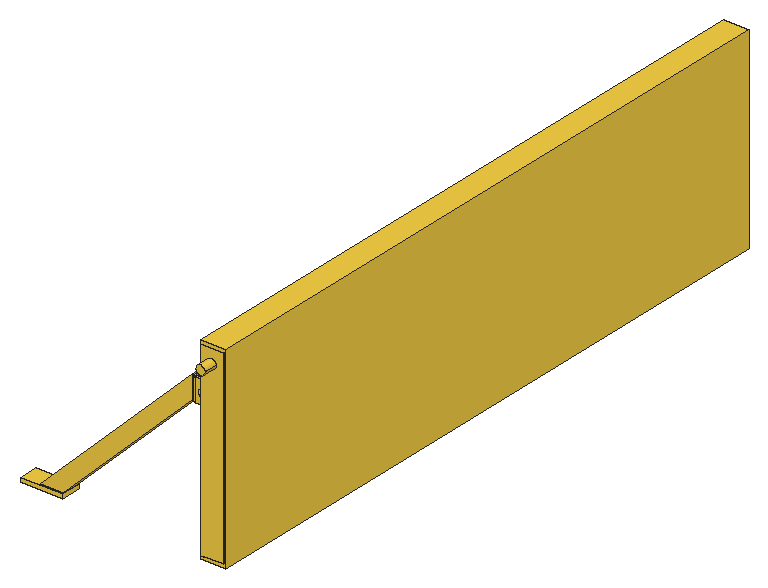
Revit family "EHL_STOPEND B 1x0,3_1860676", category Generic Models, Revit 2018
Family settings
  Can host rebar = No
  Round Connector Dimension = Use Diameter
  Part Type = Normal
  OmniClass Number = 35.51.14.00
  OmniClass Title = FORMWORK
  Work Plane-Based = Yes
  Always vertical = No
  Cut with Voids When Loaded = No
  Shared = Yes
  Room Calculation Point = No
Parameters
  VERSION = "20190101"  # constant formula
  URL = "www.ulmaconstruction.com/en"
  UNICLASS = ""
  Manufacturer = "ULMA CONSTRUCTION"  # constant formula
  ITEM_CODE = "1860676"
  FILTER [instance] = ""
  Default Elevation = 0.000 mm
  CLASSIFICATION_TITLE = ""
  CLASSIFICATION_NUMBER = ""
Reference planes
  plane 1 "Centro (Frontal/Posterior)": y = 0
  plane 2: z = 0
  plane 3 "Centro (Izquierda/Derecha)": x = 0
  plane 4 "STOPEND LENGTH": y = -1000
  plane 5 "STOPEND HEIGHT": z = 300
  plane 6 "01": x = -22
Forms (mm)
  Extrusion 1, solid, material "ULMA YELLOW", detail levels fine
    sketch origin (0, 0, 0) x (1, 0, 0) y (0, 0, 1)
      loop
        line (0, 300) -> (-37.502, 300) -> (-37.502, 294.996) -> (-2.5, 294.996) -> (-2.5, 5.004) -> (-37.502, 5.004) -> (-37.502, 0) -> (0, 0) -> (0, 300)
    from 0 to 1000
  Extrusion 2, solid, material "ULMA YELLOW", detail levels fine
    sketch origin (0, 0, 0) x (1, 0, 0) y (0, 1, 0)
      loop
        line (-6.5, -965) -> (-6.5, -996) -> (-37.502, -996) -> (-37.502, -1000) -> (-2.5, -1000) -> (-2.5, -965) -> (-6.5, -965)
    from 5.004 to 294.996
  Extrusion 3, solid, material "ULMA YELLOW", detail levels fine
    sketch origin (0, 0, 0) x (1, 0, 0) y (0, 1, 0)
      loop
        line (-6.5, -4) -> (-6.5, -35) -> (-2.5, -35) -> (-2.5, 0) -> (-37.502, 0) -> (-37.502, -4) -> (-6.5, -4)
    from 5.004 to 294.996
  Extrusion 4, solid, material "ULMA YELLOW", detail levels fine
    sketch origin (0, 1000, 0) x (0, 1, 0) y (0, 0, 1)
      loop
        line (-1996, 245.004) -> (-1996, 196.004) -> (-1961, 196.004) -> (-1961, 200.004) -> (-1992, 200.004) -> (-1992, 241.004) -> (-1961, 241.004) -> (-1961, 245.004) -> (-1996, 245.004)
    from -34.5 to -9.5
  Extrusion 5, solid, material "ULMA YELLOW", detail levels fine
    sketch origin (0, 0, 0) x (1, 0, 0) y (0, 1, 0)
      loop
        line (-4, -482.5) -> (-4, -492.5) -> (-37.502, -492.5) -> (-37.502, -507.5) -> (-4, -507.5) -> (-4, -517.5) -> (-2.5, -517.5) -> (-2.5, -482.5) -> (-4, -482.5)
    from 5.004 to 294.996
  Extrusion 6, solid, material "ULMA ZINC", detail levels fine
    sketch origin (0, 1000, 0) x (1, 0, 0) y (0, 1, 0)
      loop
        line (-13.5, -1968.457) -> (-22, -1963.55) -> (-30.5, -1968.457) -> (-30.5, -1977.543) -> (-22, -1982.45) -> (-13.5, -1977.543) -> (-13.5, -1968.457)
    from 189.004 to 196.004
  Extrusion 7, solid, material "ULMA ZINC", detail levels fine
    sketch origin (0, 1000, 56) x (1, 0, 0) y (0, 1, 0)
      loop
        line (-13.5, -1968.457) -> (-22, -1963.55) -> (-30.5, -1968.457) -> (-30.5, -1977.543) -> (-22, -1982.45) -> (-13.5, -1977.543) -> (-13.5, -1968.457)
    from 189.004 to 196.004
  Extrusion 8, solid, material "ULMA YELLOW", detail levels fine
    sketch origin (0, 0, 0) x (1, 0, 0) y (0, 0, 1)
      loop
        circle (-22, 273) r 7
    from 1000 to 1020
  Extrusion 9, solid, material "ULMA YELLOW", detail levels fine
    sketch origin (0, 1000, 0) x (1, 0, 0) y (0, 0, 1)
      loop
        line (-324, 5.992) -> (-324, 0) -> (-259, 0) -> (-259, 5.992) -> (-324, 5.992)
    from 1958 to 1988
  Extrusion 10, solid, material "ULMA YELLOW", detail levels fine
    sketch origin (0, 1000, 0) x (1, 0, 0) y (0, 0, 1)
      loop
        line (-62, 238.347) -> (-294.355, 5.992) -> (-259.008, 5.992) -> (-62, 203) -> (-62, 238.347)
    from 1960.5 to 1985.5
  Extrusion 11, solid, material "ULMA ZINC", detail levels fine
    sketch origin (0, 1000, 0) x (1, 0, 0) y (0, 0, 1)
      loop
        line (-12, 200.504) -> (-12, 240.504) -> (-32, 240.504) -> (-32, 230.504) -> (-42, 230.504)
        arc (-42, 230.504) -> (-51.998, 220.696) -> (-42.4, 210.504) r 10
        line (-42.4, 210.504) -> (-32, 210.504) -> (-32, 200.504) -> (-12, 200.504)
    from 1983 to 1963
  Extrusion 12, solid, material "ULMA YELLOW", detail levels fine
    sketch origin (0, 1000, 0) x (1, 0, 0) y (0, 1, 0)
      loop
        line (-30, -1962) -> (-30, -1958) -> (-55, -1958)
        arc (-55, -1958) -> (-59.95, -1960.05) -> (-62, -1965) r 7
        line (-62, -1965) -> (-62, -1981)
        arc (-62, -1981) -> (-59.95, -1985.95) -> (-55, -1988) r 7
        line (-55, -1988) -> (-30, -1988) -> (-30, -1984) -> (-55, -1984)
        arc (-55, -1984) -> (-57.121, -1983.121) -> (-58, -1981) r 3
        line (-58, -1981) -> (-58, -1965)
        arc (-58, -1965) -> (-57.121, -1962.879) -> (-55, -1962) r 3
        line (-55, -1962) -> (-30, -1962)
    from 203 to 238
  Extrusion 13, solid, material "ULMA ZINC", detail levels fine
    sketch origin (0, 1000, 0) x (1, 0, 0) y (0, 0, 1)
      loop
        circle (-42, 220.504) r 7
    from 1956 to 1990
  Extrusion 14, solid, material "ULMA ZINC", detail levels fine
    sketch origin (0, 1503.5, 0) x (1, 0, 0) y (0, 1, 0)
      loop
        line (-13.5, -1968.457) -> (-22, -1963.55) -> (-30.5, -1968.457) -> (-30.5, -1977.543) -> (-22, -1982.45) -> (-13.5, -1977.543) -> (-13.5, -1968.457)
    from 189.004 to 196.004
  Extrusion 15, solid, material "ULMA ZINC", detail levels fine
    sketch origin (0, 1503.5, 56) x (1, 0, 0) y (0, 1, 0)
      loop
        line (-13.5, -1968.457) -> (-22, -1963.55) -> (-30.5, -1968.457) -> (-30.5, -1977.543) -> (-22, -1982.45) -> (-13.5, -1977.543) -> (-13.5, -1968.457)
    from 189.004 to 196.004
  Extrusion 16, solid, material "ULMA YELLOW", detail levels fine
    sketch origin (0, 1503.5, 0) x (1, 0, 0) y (0, 0, 1)
      loop
        line (-324, 5.992) -> (-324, 0) -> (-259, 0) -> (-259, 5.992) -> (-324, 5.992)
    from 1958 to 1988
  Extrusion 17, solid, material "ULMA YELLOW", detail levels fine
    sketch origin (0, 1503.5, 0) x (1, 0, 0) y (0, 0, 1)
      loop
        line (-62, 238.347) -> (-294.355, 5.992) -> (-259.008, 5.992) -> (-62, 203) -> (-62, 238.347)
    from 1960.5 to 1985.5
  Extrusion 18, solid, material "ULMA ZINC", detail levels fine
    sketch origin (0, 1503.5, 0) x (1, 0, 0) y (0, 0, 1)
      loop
        line (-12, 200.504) -> (-12, 240.504) -> (-32, 240.504) -> (-32, 230.504) -> (-42, 230.504)
        arc (-42, 230.504) -> (-51.998, 220.696) -> (-42.4, 210.504) r 10
        line (-42.4, 210.504) -> (-32, 210.504) -> (-32, 200.504) -> (-12, 200.504)
    from 1983 to 1963
  Extrusion 19, solid, material "ULMA YELLOW", detail levels fine
    sketch origin (0, 1503.5, 0) x (1, 0, 0) y (0, 1, 0)
      loop
        line (-30, -1962) -> (-30, -1958) -> (-55, -1958)
        arc (-55, -1958) -> (-59.95, -1960.05) -> (-62, -1965) r 7
        line (-62, -1965) -> (-62, -1981)
        arc (-62, -1981) -> (-59.95, -1985.95) -> (-55, -1988) r 7
        line (-55, -1988) -> (-30, -1988) -> (-30, -1984) -> (-55, -1984)
        arc (-55, -1984) -> (-57.121, -1983.121) -> (-58, -1981) r 3
        line (-58, -1981) -> (-58, -1965)
        arc (-58, -1965) -> (-57.121, -1962.879) -> (-55, -1962) r 3
        line (-55, -1962) -> (-30, -1962)
    from 203 to 238
  Extrusion 20, solid, material "ULMA ZINC", detail levels fine
    sketch origin (0, 1503.5, 0) x (1, 0, 0) y (0, 0, 1)
      loop
        circle (-42, 220.504) r 7
    from 1956 to 1990
  Extrusion 21, solid, material "ULMA YELLOW", detail levels fine
    sketch origin (0, 1503.5, 0) x (0, 1, 0) y (0, 0, 1)
      loop
        line (-1996, 245.004) -> (-1996, 196.004) -> (-1961, 196.004) -> (-1961, 200.004) -> (-1992, 200.004) -> (-1992, 241.004) -> (-1961, 241.004) -> (-1961, 245.004) -> (-1996, 245.004)
    from -34.5 to -9.5
  Extrusion 22, solid, material "ULMA YELLOW", detail levels fine
    sketch origin (0, 0, 0) x (0, 1, 0) y (0, 0, 1)
      loop
        line (-14, 94.996) -> (-64, 94.996) -> (-64, 44.996) -> (-14, 44.996) -> (-14, 94.996)
      loop
        line (-17, 91.996) -> (-61, 91.996) -> (-61, 47.996) -> (-17, 47.996) -> (-17, 91.996)
    from -37.502 to -6.5
  Sweep 23, solid, material "ULMA ZINC", detail levels fine
    path in 3D
      loop
        line (-22, 15, 69.996) -> (-22, -102, 69.996)
        arc (-22, -102, 69.996) -> (-22, -116.849, 63.845) -> (-22, -123, 48.996) r 21
        line (-22, -123, 48.996) -> (-22, -123, 19.996)
    profile origin (-22, -43.5, 69.996) x (0, 0, 1) y (-1, 0, 0)
      loop
        circle (0, 0) r 7
  Extrusion 24, solid, material "ULMA YELLOW", detail levels coarse+medium
    sketch origin (0, 0, 0) x (1, 0, 0) y (0, 0, 1)
      loop
        line (-37.502, 300) -> (-37.502, 0) -> (0, 0) -> (0, 300) -> (-37.502, 300)
    from 0 to 1000
  Extrusion 25, solid, material "ULMA YELLOW", detail levels coarse+medium
    sketch origin (0, 1000, 0) x (1, 0, 0) y (0, 0, 1)
      loop
        line (-62.347, 238) -> (-300.347, 0) -> (-265, 0) -> (-62, 203) -> (-37.502, 203) -> (-37.502, 238) -> (-62.347, 238)
    from 1960.5 to 1985.5
  Extrusion 26, solid, material "ULMA YELLOW", detail levels coarse+medium
    sketch origin (0, 1503.5, 0) x (1, 0, 0) y (0, 0, 1)
      loop
        line (-62.347, 238) -> (-300.347, 0) -> (-265, 0) -> (-62, 203) -> (-37.502, 203) -> (-37.502, 238) -> (-62.347, 238)
    from 1960.5 to 1985.5
Lines and regions (mm)
  reference lines
    curve 1: line (-22, 15, 69.996) -> (-22, -102, 69.996)
    curve 2: line (-22, -123, 19.996) -> (-22, -123, 48.996)
    curve 3: arc (-22, -123, 48.996) -> (-22, -116.849, 63.845) -> (-22, -102, 69.996) r 21
  sketch lines
    curve 4: line (-22, 15, 69.996) -> (-22, -102, 69.996)
    curve 5: arc (-22, -123, 48.996) -> (-22, -116.849, 63.845) -> (-22, -102, 69.996) r 21
    curve 6: line (-22, -123, 19.996) -> (-22, -123, 48.996)
Dimensions and locks
  locked: Extrusion 1 sketch curve to plane 2 at 5.004
  locked: plane 5 "STOPEND HEIGHT" to Extrusion 1 sketch curve at 5.004
  Extrusion 2 sketch curve to Extrusion 2 sketch curve to Extrusion 2 sketch curve = 31.002 mm locked, 4.000 mm locked
  Extrusion 2 sketch curve to Extrusion 2 sketch curve to Extrusion 1 = 31.000 mm locked, 4.000 mm locked
  Extrusion 3 sketch curve to Extrusion 3 sketch curve to Extrusion 3 sketch curve = 4.000 mm locked, 31.000 mm locked
  Extrusion 3 sketch curve to Extrusion 3 sketch curve to Extrusion 3 sketch curve = 31.002 mm locked, 4.000 mm locked
  Extrusion 5 sketch curve to Extrusion 5 sketch curve to Extrusion 5 sketch curve to Extrusion 5 sketch curve = 10.000 mm locked, 15.000 mm locked, 10.000 mm locked
  Extrusion 5 sketch curve to Extrusion 5 sketch curve = 15.000 mm
  locked: Extrusion 8 sketch curve to plane 2 at 273
  aligned and locked: level to plane 2
  aligned and locked: Extrusion 1 to plane 1 "Centro (Frontal/Posterior)"
  aligned and locked: Extrusion 1 to plane 4 "STOPEND LENGTH"
  aligned and locked: plane 5 "STOPEND HEIGHT" to Extrusion 1
  aligned and locked: Extrusion 2 to Extrusion 1  (x3)
  aligned and locked: Extrusion 2 to plane 4 "STOPEND LENGTH"
  aligned and locked: Extrusion 3 to Extrusion 1  (x3)
  aligned and locked: Extrusion 3 to plane 1 "Centro (Frontal/Posterior)"
  aligned and locked: Extrusion 5 to Extrusion 2  (x2)
  aligned and locked: Extrusion 7 to Extrusion 4
  aligned and locked: Extrusion 6 to Extrusion 4
  aligned and locked: Extrusion 2 to Extrusion 8
  aligned and locked: Extrusion 21 to Extrusion 5
  aligned and locked: Extrusion 2 to Extrusion 22
  aligned and locked: Extrusion 22 to Extrusion 3
  aligned and locked: Extrusion 4 to Extrusion 2
  aligned and locked: Extrusion 24 to plane 2
  aligned and locked: plane 5 "STOPEND HEIGHT" to Extrusion 24
  aligned and locked: Extrusion 24 to plane 4 "STOPEND LENGTH"
  aligned and locked: Extrusion 25 to Extrusion 10  (x2)
